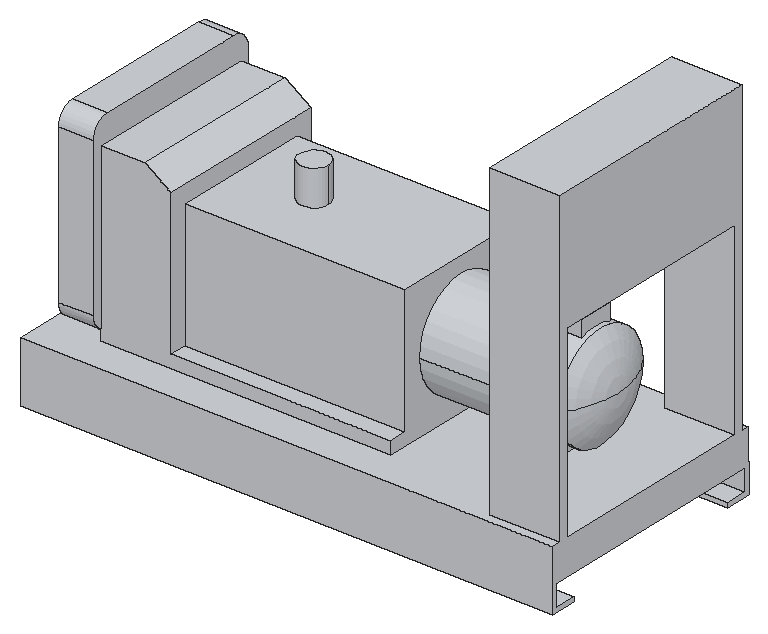
Revit family "b08a5060952a4ad8887e09d5716073f2", category Electrical Equipment, Revit 2021
Family settings
  Panel Configuration = Two Columns, Circuits Across
  Round Connector Dimension = Use Diameter
  Part Type = Panelboard
  OmniClass Number = 23.80.10.11.11.11
  OmniClass Title = Engine Generators
  Seek Item ID = Gas Emergency Power Generator-0000-USA-ENU
  Work Plane-Based = No
  Always vertical = Yes
  Cut with Voids When Loaded = No
  Shared = No
  Room Calculation Point = No
Parameters (values of type "25 kW")
  Width 7 = 0.5 * Width 4  # 0' - 11"
  Width 6 = 0.5 * Width 3  # 0' - 2"
  Width 5 = Height 3  # 0' - 3"
  Width 4 = 11 / 14 * Generator Width  # 1' - 10"
  Width 3 = Generator Width * 1 / 7  # 0' - 4"
  Width 2 = 0.8 * Width 1  # 1' - 4"
  Width 1 = Generator Width * 5 / 7  # 1' - 8"
  built-in parameter 1140142 [instance] = -1
  Radius 6 = 0.2 * Length 6  # 0' - 1.68"
  Radius 5 = Radius 1 + 0' 1"  # 0' - 7"
  Radius 4 = 0.5 * Diameter 1  # 0' - 0 1/2"
  Radius 3 = 0.5 * Length 4 + Length 12  # 0' - 10"
  Radius 2 = Generator Width / 14  # 0' - 2"
  Radius 1 = (Generator Width - Width 2) * 1 / 2  # 0' - 6"
  built-in parameter 1140140 [instance] = 1 (stored number, unit not read)
  Load Classification = Power
  Length 9 = Length 13  # 0' - 3"
  Length 8 = (Generator Width - Width 2) / 2  # 0' - 6"
  Length 7 = Width 2  # 1' - 4"
  Length 6 = 1 / 3 * Length 3  # 0' - 8.4"
  Length 5 = Generator Width * 2 / 7  # 0' - 8"
  Length 4 = Generator Width * 4 / 7  # 1' - 4"
  Length 3 = Generator Width * 0.9  # 2' - 1.2"
  Length 2 = Generator Width * 2 / 7  # 0' - 8"
  Length 13 = 3 / 8 * Length 2  # 0' - 3"
  Length 12 = 1 / 2 * Length 1  # 0' - 2"
  Length 11 = 1 / 3 * Length 13  # 0' - 1"
  Length 10 = Length 2 - Length 13  # 0' - 5"
  Length 1 = Generator Width / 7  # 0' - 4"
  Height 9 = 1.5 * Height 2  # 0' - 1 1/2"
  Height 8 = 0' 0 3/4" + Radius 1  # 0' - 6 3/4"
  Height 7 = Generator Width * 1 / 2  # 1' - 2"
  Height 6 = (Height 2) * 3 / 2  # 0' - 1 1/2"
  Height 5 = Height 4 - 4 * (Height 2)  # 1' - 4"
  Height 4 = Height 1 - 2 * (Height 2)  # 1' - 8"
  Height 3 = Height 2 * 3  # 0' - 3"
  Height 2 = Generator Width / 28  # 0' - 1"
  Height 1 = 1.5 * (Width 1) - 0.5 * (Width 2)  # 1' - 10"
  Half Width 4 = 0.5 * Width 4  # 0' - 11"
  Generator Width = 2' - 4"
  Generator Material = none
  Generator Length = 5' - 0 7/8"
  Generator Height = 3' - 6 1/2"
  built-in parameter 1155100 [instance] = -1
  Diameter 1 = 1 / 3 * Length 13  # 0' - 1"
  Default Elevation = 0' - 0"
  Base Height = Generator Width * 1 / 4  # 0' - 7"
  Apparent Load [instance] = 31250 VA
  Alternator Voltage = 480 V
Types (4): name | Width 7 | Width 6 | Width 5 | Width 4 | Width 3 | Width 2 | Width 1 | Radius 6 | Radius 5 | Radius 4 | Radius 3 | Radius 2 | Radius 1 | Length 9 | Length 8 | Length 7 | Length 6 | Length 5 | Length 4 | Length 3 | Length 2 | Length 13 | Length 12 | Length 11 | Length 10 | Length 1 | Height 9 | Height 8 | Height 7 | Height 6 | Height 5 | Height 4 | Height 3 | Height 2 | Height 1 | Half Width 4 | Generator Width | Generator Length | Generator Height | Diameter 1 | Base Height | Apparent Load
  (no name) | 0' - 11" | 0' - 2" | 0' - 3" | 1' - 10" | 0' - 4" | 1' - 4" | 1' - 8" | 0' - 1.68" | 0' - 7" | 0' - 0 1/2" | 0' - 10" | 0' - 2" | 0' - 6" | 0' - 3" | 0' - 6" | 1' - 4" | 0' - 8.4" | 0' - 8" | 1' - 4" | 2' - 1.2" | 0' - 8" | 0' - 3" | 0' - 2" | 0' - 1" | 0' - 5" | 0' - 4" | 0' - 1 1/2" | 0' - 6 3/4" | 1' - 2" | 0' - 1 1/2" | 1' - 4" | 1' - 8" | 0' - 3" | 0' - 1" | 1' - 10" | 0' - 11" | 2' - 4" | 5' - 0 7/8" | 3' - 6 1/2" | 0' - 1" | 0' - 7" | 31250 VA
  125 kW | 1' - 10" | 0' - 4" | 0' - 6" | 3' - 8" | 0' - 8" | 2' - 8" | 3' - 4" | 0' - 3.36" | 1' - 1" | 0' - 1" | 1' - 8" | 0' - 4" | 1' - 0" | 0' - 6" | 1' - 0" | 2' - 8" | 1' - 4.8" | 1' - 4" | 2' - 8" | 4' - 2.4" | 1' - 4" | 0' - 6" | 0' - 4" | 0' - 2" | 0' - 10" | 0' - 8" | 0' - 3" | 1' - 0 3/4" | 2' - 4" | 0' - 3" | 2' - 8" | 3' - 4" | 0' - 6" | 0' - 2" | 3' - 8" | 1' - 10" | 4' - 8" | 10' - 1 3/4" | 7' - 1" | 0' - 2" | 1' - 2" | 156250 VA
  25 kW | 0' - 11" | 0' - 2" | 0' - 3" | 1' - 10" | 0' - 4" | 1' - 4" | 1' - 8" | 0' - 1.68" | 0' - 7" | 0' - 0 1/2" | 0' - 10" | 0' - 2" | 0' - 6" | 0' - 3" | 0' - 6" | 1' - 4" | 0' - 8.4" | 0' - 8" | 1' - 4" | 2' - 1.2" | 0' - 8" | 0' - 3" | 0' - 2" | 0' - 1" | 0' - 5" | 0' - 4" | 0' - 1 1/2" | 0' - 6 3/4" | 1' - 2" | 0' - 1 1/2" | 1' - 4" | 1' - 8" | 0' - 3" | 0' - 1" | 1' - 10" | 0' - 11" | 2' - 4" | 5' - 0 7/8" | 3' - 6 1/2" | 0' - 1" | 0' - 7" | 31250 VA
  32 kW | 1' - 0.08036" | 0' - 2.19643" | 0' - 3.29464" | 2' - 0.16071" | 0' - 4.39286" | 1' - 5.57143" | 1' - 9.96429" | 0' - 1.845" | 0' - 7.58929" | 0' - 0.54911" | 0' - 10.98214" | 0' - 2.19643" | 0' - 6.58929" | 0' - 3.29464" | 0' - 6.58929" | 1' - 5.57143" | 0' - 9.225" | 0' - 8.78571" | 1' - 5.57143" | 2' - 3.675" | 0' - 8.78571" | 0' - 3.29464" | 0' - 2.19643" | 0' - 1.09821" | 0' - 5.49107" | 0' - 4.39286" | 0' - 1.64732" | 0' - 7.33929" | 1' - 3 3/8" | 0' - 1.64732" | 1' - 5.57143" | 1' - 9.96429" | 0' - 3.29464" | 0' - 1.09821" | 2' - 0.16071" | 1' - 0.08036" | 2' - 6 3/4" | 5' - 7" | 3' - 10 3/4" | 0' - 1.09821" | 0' - 7 11/16" | 40000 VA
Reference planes (in)
  plane 1 "Center (Front/Back)": y = 0
  plane 2: z = 0
  plane 3 "Center (Left/Right)": x = 0
  plane 4: x = 30.4375
  plane 5: x = -30.4375
  plane 6: y = 14
  plane 7: y = -14
  plane 8: z = 42.5
  plane 9: z = 3
  plane 10: y = -11
  plane 11: y = 11
  plane 12: y = -13.5
  plane 13: y = 13.5
  plane 14: z = 0.5
  plane 15: z = 7
  plane 16: x = -28.4375
  plane 17: x = -24.4375
  plane 18: z = 8
  plane 19: z = 30
  plane 20: z = 28
  plane 21: z = 10
  plane 22: y = -9
  plane 23: y = 9
  plane 24: z = 8.5
  plane 25: x = -16.4375
  plane 26: x = -19.4375
  plane 27: x = 8.7625
  plane 28: z = 27
  plane 29: y = 10
  plane 30: y = -10
  plane 31: y = 8
  plane 32: y = -8
  plane 33: z = 23
  plane 34: z = 27
  plane 35: x = -8.0375
  plane 36: x = 24.7625
  plane 37: x = 16.7625
  plane 38 "Plan 3": z = 15.25
  plane 39: z = 9.25
  plane 40: y = 1
  plane 41: y = -1
  plane 42: x = 19.7625
  plane 43: x = 18.7625
  plane 44: x = 20.7625
  plane 45: x = 18.2625
  plane 46: x = 21.2625
  plane 47: x = 24.1375
  plane 48: x = 18.1375
  plane 49: y = 2
  plane 50: y = -2
  plane 51: z = 21.25
  plane 52: z = 22.75
  plane 53: x = 23.1375
  plane 54: z = 28.5
  plane 55: y = 13
  plane 56: y = 12
  plane 57: y = -13
  plane 58: y = -12
  plane 59: x = 22.4375
Forms (in)
  Sweep 1, solid, material <- "Generator Material", detail levels fine
    path origin (0, 0, 0) x (1, 0, 0) y (0, 1, 0)
      loop
        line (-30.4375, 14) -> (30.4375, 14)
    profile origin (0, 14, 0) x (0, 1, 0) y (0, 0, 1)
      loop
        line (0, 3) -> (-0.5, 3) -> (-0.5, 0.5) -> (-3, 0.5) -> (-3, 0) -> (0, 0) -> (0, 3)
  Sweep 2, solid, material <- "Generator Material", detail levels fine
    path origin (0, 0, 0) x (1, 0, 0) y (0, 1, 0)
      loop
        line (-30.4375, -14) -> (30.4375, -14)
    profile origin (0, -14, 0) x (0, 1, 0) y (0, 0, 1)
      loop
        line (0.5, 3) -> (0, 3) -> (0, 0) -> (3, 0) -> (3, 0.5) -> (0.5, 0.5) -> (0.5, 3)
  Extrusion 3, solid, material <- "Generator Material", detail levels fine
    sketch origin (0, 0, 0) x (1, 0, 0) y (0, 0, 1)
      loop
        line (-30.4375, 7) -> (-30.4375, 3) -> (30.4375, 3) -> (30.4375, 7) -> (-30.4375, 7)
    from -14 to 14
  Extrusion 4, solid, material <- "Generator Material", detail levels fine
    sketch origin (0, 0, 0) x (0, 1, 0) y (0, 0, 1)
      loop
        line (9, 30) -> (-9, 30)
        arc (-9, 30) -> (-10.41421, 29.41421) -> (-11, 28) r 2
        line (-11, 28) -> (-11, 10)
        arc (-11, 10) -> (-10.41421, 8.58579) -> (-9, 8) r 2
        line (-9, 8) -> (9, 8)
        arc (9, 8) -> (10.41421, 8.58579) -> (11, 10) r 2
        line (11, 10) -> (11, 28)
        arc (11, 28) -> (10.41421, 29.41421) -> (9, 30) r 2
    from -28.4375 to -24.4375
  Extrusion 5, solid, material <- "Generator Material", detail levels fine
    sketch origin (0, 0, 0) x (1, 0, 0) y (0, 0, 1)
      loop
        line (-24.4375, 27) -> (-24.4375, 7) -> (8.7625, 7) -> (8.7625, 8.5) -> (-16.4375, 8.5) -> (-16.4375, 24.99546) -> (-19.4375, 27) -> (-24.4375, 27)
    from -10 to 10
  Extrusion 6, solid, material <- "Generator Material", detail levels fine
    sketch origin (0, 0, 0) x (1, 0, 0) y (0, 0, 1)
      loop
        line (-16.4375, 23) -> (-16.4375, 8.5) -> (8.7625, 8.5) -> (8.7625, 23) -> (-16.4375, 23)
    from -8 to 8
  Extrusion 7, solid, material <- "Generator Material", detail levels fine
    sketch origin (0, 0, 0) x (1, 0, 0) y (0, 1, 0)
      loop
        circle (-8.0375, 0) r 1.68
    from 23 to 27
  Extrusion 8, solid, material <- "Generator Material", detail levels fine
    sketch origin (0, 0, 0) x (0, 1, 0) y (0, 0, 1)
      loop
        circle (0, 15.25) r 6
    from 8.7625 to 24.7625
  Revolve 9, solid, material <- "Generator Material", detail levels fine
    sketch origin (0, 0, 15.25) x (-1, 0, 0) y (0, -1, 0)
      loop
        line (-26.7625, 0) -> (-24.7625, 0) -> (-24.7625, 6)
        arc (-24.7625, 6) -> (-26.24933, 3.16228) -> (-26.7625, 0) r 10
      axis (-24.7625, 0) -> (-26.7625, 0)
    angle from 0 to 360
  Extrusion 10, solid, material <- "Generator Material", detail levels fine
    sketch origin (0, 0, 15.25) x (-1, 0, 0) y (0, -1, 0)
      loop
        line (-18.7625, -1) -> (-18.7625, 1) -> (-20.7625, 1) -> (-20.7625, -1) -> (-18.7625, -1)
    from -8.25 to 0
  Extrusion 11, solid, material <- "Generator Material", detail levels fine
    sketch origin (0, 0, 0) x (0, 1, 0) y (0, 0, 1)
      loop
        arc (4.8541, 11.72329) -> (0, 9.25) -> (-4.8541, 11.72329) r 6
        line (-4.8541, 11.72329) -> (-5.66312, 11.1355)
        arc (-5.66312, 11.1355) -> (0, 8.25) -> (5.66312, 11.1355) r 7
        line (5.66312, 11.1355) -> (4.8541, 11.72329)
    from 18.2625 to 21.2625
  Extrusion 12, solid, material <- "Generator Material", detail levels fine
    sketch origin (0, 0, 15.25) x (-1, 0, 0) y (0, -1, 0)
      loop
        line (-18.1375, -2) -> (-18.1375, 2) -> (-24.1375, 2) -> (-24.1375, -2) -> (-18.1375, -2)
    from 0 to 7.5
  Extrusion 13, solid, material <- "Generator Material", detail levels fine
    sketch origin (0, 0, 15.25) x (-1, 0, 0) y (0, -1, 0)
      loop
        circle (-23.1375, 0) r 0.5
    from 7.5 to 13.25
  Extrusion 14, solid, material <- "Generator Material", detail levels fine
    sketch origin (0, 0, 15.25) x (-1, 0, 0) y (0, -1, 0)
      loop
        line (-22.4375, -13) -> (-22.4375, -12) -> (-30.4375, -12) -> (-30.4375, -13) -> (-22.4375, -13)
    from -8.25 to 13.25
  Extrusion 15, solid, material <- "Generator Material", detail levels fine
    sketch origin (0, 0, 15.25) x (-1, 0, 0) y (0, -1, 0)
      loop
        line (-22.4375, 12) -> (-22.4375, 13) -> (-30.4375, 13) -> (-30.4375, 12) -> (-22.4375, 12)
    from -8.25 to 13.25
  Extrusion 16, solid, material <- "Generator Material", detail levels fine
    sketch origin (0, 0, 15.25) x (-1, 0, 0) y (0, -1, 0)
      loop
        line (-22.4375, -13) -> (-22.4375, 13) -> (-30.4375, 13) -> (-30.4375, -13) -> (-22.4375, -13)
    from 13.25 to 27.25
  Extrusion 17, solid, material <- "Generator Material", detail levels coarse+medium
    sketch origin (0, 0, 0) x (0, 1, 0) y (0, 0, 1)
      loop
        line (14, 42.5) -> (-14, 42.5) -> (-14, 0) -> (14, 0) -> (14, 42.5)
    from -30.4375 to 30.4375
Cuts and joins
  joined: Sweep 1, Sweep 2, Extrusion 3, Extrusion 4, Extrusion 5, Extrusion 6, Extrusion 7, Extrusion 8, Revolve 9, Extrusion 10, Extrusion 11, Extrusion 12, Extrusion 13, Extrusion 14, Extrusion 15, Extrusion 16
Lines and regions (in)
  reference lines
    curve 1: line (0, 0, 15.25) -> (0, -6.87664, 10.25383)
    curve 2: line (0, 0, 15.25) -> (0, 6.67439, 10.40077)
Dimensions and locks (in)
  equal spacing: plane 5, plane 3 "Center (Left/Right)", plane 4
  "Generator Length": plane 5 to plane 4
  equal spacing: plane 7, plane 1 "Center (Front/Back)", plane 6
  "Generator Width": plane 7 to plane 6
  "Generator Height": plane 8 to plane 2
  "Height 3": plane 9 to plane 2
  "Width 5": plane 10 to plane 7
  "Width 5": plane 6 to plane 11
  locked: plane 14 to plane 2 at 0.5
  locked: plane 6 to plane 13 at 0.5
  locked: plane 12 to plane 7 at 0.5
  "Base Height": plane 15 to plane 2
  "Length 12": plane 5 to plane 16
  "Length 1": plane 16 to plane 17
  "Height 2": plane 18 to plane 15
  "Height 1": plane 19 to plane 18
  equal spacing: plane 11, plane 1 "Center (Front/Back)", plane 10
  "Width 7": plane 11 to plane 1 "Center (Front/Back)"
  "Radius 2": plane 19 to plane 20
  "Radius 2": plane 21 to plane 18
  "Radius 2": plane 22 to plane 10
  "Radius 2": plane 11 to plane 23
  "Height 6": plane 24 to plane 15
  "Length 2": plane 17 to plane 25
  "Length 3": plane 25 to plane 27
  "Length 13": plane 26 to plane 25
  "Height 4": plane 28 to plane 15
  equal spacing: plane 30, plane 1 "Center (Front/Back)", plane 29
  "Width 1": plane 30 to plane 29
  equal spacing: plane 32, plane 1 "Center (Front/Back)", plane 31
  "Width 2": plane 32 to plane 31
  "Height 5": plane 33 to plane 15
  locked: plane 34 to plane 33 at 4
  "Length 6": plane 25 to plane 35
  "Length 4": plane 27 to plane 36
  equal spacing: plane 27, plane 37, plane 36
  "Height 8": plane 38 "Plan 3" to plane 24
  "Radius 1": plane 38 "Plan 3" to plane 39
  equal spacing: plane 41, plane 1 "Center (Front/Back)", plane 40
  "Width 6": plane 41 to plane 40
  "Length 10": plane 42 to plane 36
  equal spacing: plane 43, plane 42, plane 44
  "Width 6": plane 43 to plane 44
  equal spacing: plane 45, plane 42, plane 46
  "Length 9": plane 45 to plane 46
  locked: plane 47 to plane 36 at 0.625
  "Length 8": plane 48 to plane 47
  equal spacing: plane 50, plane 1 "Center (Front/Back)", plane 49
  "Width 3": plane 50 to plane 49
  "Radius 1": plane 51 to plane 38 "Plan 3"
  "Height 9": plane 52 to plane 51
  "Length 11": plane 53 to plane 47
  "Height 7": plane 8 to plane 54
  locked: plane 55 to plane 6 at 1
  locked: plane 56 to plane 55 at 1
  locked: plane 7 to plane 57 at 1
  locked: plane 57 to plane 58 at 1
  "Length 5": plane 59 to plane 4
  "Radius 2": radius of Extrusion 4 sketch curve  (x4)
  "Radius 6": radius of Extrusion 7 sketch curve
  "Radius 1": radius of Extrusion 8 sketch curve
  "Radius 3": radius of Revolve 9 sketch curve
  "Radius 1": radius of Extrusion 11 sketch curve
  "Radius 5": radius of Extrusion 11 sketch curve
  "Radius 4": radius of Extrusion 13 sketch curve
  locked: plane 26 to Extrusion 5 sketch curve (angle 56.25°)
  locked: curve 1 to plane 1 "Center (Front/Back)" (angle 54.00°)
  locked: plane 1 "Center (Front/Back)" to curve 2 (angle 54.00°)
  aligned and locked: plane 6 to Sweep 1 sketch curve  (x2)
  aligned and locked: Sweep 1 sketch curve to plane 9
  aligned and locked: Sweep 1 sketch curve to plane 13
  aligned and locked: Sweep 1 sketch curve to plane 14
  aligned and locked: Sweep 1 sketch curve to plane 11
  aligned and locked: plane 2 to Sweep 1 sketch curve
  aligned and locked: Sweep 2 sketch curve to plane 7
  aligned and locked: Sweep 2 sketch curve to plane 9
  aligned and locked: plane 12 to Sweep 2 sketch curve
  aligned and locked: Sweep 2 sketch curve to plane 14
  aligned and locked: Sweep 2 sketch curve to plane 10
  aligned and locked: plane 2 to Sweep 2 sketch curve
  aligned and locked: plane 7 to Sweep 2 sketch curve
  aligned and locked: plane 5 to Sweep 1
  aligned and locked: plane 5 to Sweep 2
  aligned and locked: plane 4 to Sweep 2
  aligned and locked: plane 4 to Sweep 1
  aligned and locked: plane 5 to Extrusion 3 sketch curve
  aligned and locked: Extrusion 3 sketch curve to plane 15
  aligned and locked: Sweep 1 to Extrusion 3 sketch curve
  aligned and locked: Extrusion 3 sketch curve to Sweep 1
  aligned and locked: Extrusion 3 to plane 6
  aligned and locked: Extrusion 3 to plane 7
  aligned and locked: plane 23 to Extrusion 4 sketch curve  (x2)
  aligned and locked: plane 20 to Extrusion 4 sketch curve  (x2)
  aligned and locked: plane 22 to Extrusion 4 sketch curve  (x2)
  aligned and locked: plane 21 to Extrusion 4 sketch curve  (x2)
  aligned and locked: Extrusion 4 to plane 16
  aligned and locked: plane 17 to Extrusion 4
  aligned and locked: Extrusion 5 sketch curve to plane 28
  aligned and locked: Extrusion 5 sketch curve to plane 25
  aligned and locked: plane 26 to Extrusion 5 sketch curve
  aligned and locked: plane 17 to Extrusion 5 sketch curve
  aligned and locked: Extrusion 5 sketch curve to plane 24
  aligned and locked: plane 15 to Extrusion 5 sketch curve
  aligned and locked: Extrusion 5 sketch curve to plane 27
  aligned and locked: Extrusion 5 to plane 29
  aligned and locked: plane 30 to Extrusion 5
  aligned and locked: plane 25 to Extrusion 6 sketch curve
  aligned and locked: Extrusion 6 sketch curve to plane 33
  aligned and locked: Extrusion 6 sketch curve to Extrusion 5  (x2)
  aligned and locked: Extrusion 6 to plane 31
  aligned and locked: plane 32 to Extrusion 6
  aligned and locked: plane 35 to Extrusion 7 sketch curve
  aligned and locked: plane 1 "Center (Front/Back)" to Extrusion 7 sketch curve
  aligned and locked: plane 34 to Extrusion 7
  aligned and locked: Extrusion 7 to plane 33
  aligned and locked: plane 1 "Center (Front/Back)" to Extrusion 8 sketch curve
  aligned and locked: plane 38 "Plan 3" to Extrusion 8 sketch curve
  aligned and locked: plane 36 to Extrusion 8
  aligned and locked: Extrusion 8 to plane 27
  aligned and locked: plane 37 to Revolve 9 sketch curve
  aligned and locked: plane 1 "Center (Front/Back)" to Revolve 9 sketch curve  (x2)
  aligned and locked: plane 36 to Revolve 9 sketch curve
  aligned and locked: plane 43 to Extrusion 10 sketch curve
  aligned and locked: plane 40 to Extrusion 10 sketch curve
  aligned and locked: plane 41 to Extrusion 10 sketch curve
  aligned and locked: Extrusion 10 sketch curve to plane 44
  aligned and locked: Extrusion 10 to plane 15
  aligned and locked: plane 38 "Plan 3" to Extrusion 10
  aligned and locked: plane 1 "Center (Front/Back)" to curve 1
  aligned and locked: plane 38 "Plan 3" to curve 1
  aligned and locked: plane 1 "Center (Front/Back)" to Extrusion 11 sketch curve  (x2)
  aligned and locked: plane 38 "Plan 3" to Extrusion 11 sketch curve  (x2)
  aligned and locked: curve 1 to Extrusion 11 sketch curve
  aligned and locked: curve 2 to Extrusion 11 sketch curve
  aligned and locked: plane 46 to Extrusion 11
  aligned and locked: Extrusion 11 to plane 45
  aligned and locked: plane 48 to Extrusion 12 sketch curve
  aligned and locked: plane 49 to Extrusion 12 sketch curve
  aligned and locked: plane 50 to Extrusion 12 sketch curve
  aligned and locked: Extrusion 12 sketch curve to plane 47
  aligned and locked: plane 52 to Extrusion 12
  aligned and locked: Extrusion 12 to plane 38 "Plan 3"
  aligned and locked: plane 53 to Extrusion 13 sketch curve
  aligned and locked: plane 1 "Center (Front/Back)" to Extrusion 13 sketch curve
  aligned and locked: Extrusion 13 to plane 52
  aligned and locked: plane 54 to Extrusion 13
  aligned and locked: plane 59 to Extrusion 14 sketch curve
  aligned and locked: plane 55 to Extrusion 14 sketch curve
  aligned and locked: plane 56 to Extrusion 14 sketch curve
  aligned and locked: Extrusion 14 sketch curve to plane 4
  aligned and locked: Extrusion 14 to plane 15
  aligned and locked: plane 54 to Extrusion 14
  aligned and locked: plane 59 to Extrusion 15 sketch curve
  aligned and locked: plane 58 to Extrusion 15 sketch curve
  aligned and locked: plane 57 to Extrusion 15 sketch curve
  aligned and locked: Extrusion 15 sketch curve to plane 4
  aligned and locked: plane 54 to Extrusion 15
  aligned and locked: Extrusion 15 to plane 15
  aligned and locked: plane 59 to Extrusion 16 sketch curve
  aligned and locked: plane 55 to Extrusion 16 sketch curve
  aligned and locked: plane 57 to Extrusion 16 sketch curve
  aligned and locked: Extrusion 16 sketch curve to plane 4
  aligned and locked: plane 8 to Extrusion 16
  aligned and locked: Extrusion 16 to plane 54
  aligned and locked: plane 6 to Extrusion 17 sketch curve
  aligned and locked: plane 8 to Extrusion 17 sketch curve
  aligned and locked: cut or joined group 1 (Sweep 1, Sweep 2, Extrusion 3, Extrusion 4, Extrusion 5, Extrusion 6, Extrusion 7, Extrusion 8, Revolve 9, Extrusion 10, Extrusion 11, Extrusion 12, Extrusion 13, Extrusion 14, Extrusion 15, Extrusion 16) to Extrusion 17 sketch curve
  aligned and locked: Extrusion 17 sketch curve to cut or joined group 1
  aligned and locked: Extrusion 17 to plane 5
  aligned and locked: plane 4 to Extrusion 17
Automatic sketch dimensions
  Sweep 1 sketch curve to plane 5 = 0' - 0"
  Sweep 1 sketch curve to plane 4 = 0' - 0"
  Sweep 2 sketch curve to plane 5 = 0' - 0"
  Sweep 2 sketch curve to plane 4 = 0' - 0"
  Revolve 9 sketch curve to plane 1 "Center (Front/Back)" = 0' - 0"
  Revolve 9 sketch curve to plane 4 = 0' - 0"
  Revolve 9 sketch curve to plane 37 = 0' - 0"
Connectors (in)
  electrical at (0, 0, 42.5), driven by "Alternator Voltage", driven by "Apparent Load", driven by "Load Classification"
    settings: on Extrusion 17, index 1, voltage 480 V, apparent load 31250 VA, apparent load phase1 0 VA, apparent load phase2 0 VA, apparent load phase3 0 VA, power factor 1, load classification "Power", number of poles 3, system type 30, power factor state 1, is connector primary yes, connector utility no, sub classification motor no, connector description ""
  cabletrayconduit at (-3.8375, 0, 23), diameter 24
    settings: on cut or joined group 1, index 2, connector width 1' - 0", connector height 1' - 0", connector angle 0.00°, system type 32, placement type 1, profile type 0, connector reference index -1, is primary connector yes, connector utility param no, connector description ""
  cabletrayconduit at (-28.4375, 0, 19), diameter 24
    settings: on cut or joined group 1, index 3, connector width 1' - 0", connector height 1' - 0", connector angle 0.00°, system type 32, placement type 1, profile type 0, connector reference index -1, is primary connector no, connector utility param no, connector description ""
  cabletrayconduit at (30.4375, 0, 7.5625), diameter 24
    settings: on cut or joined group 1, index 4, connector width 1' - 0", connector height 1' - 0", connector angle 0.00°, system type 32, placement type 1, profile type 0, connector reference index -1, is primary connector no, connector utility param no, connector description ""
  cabletrayconduit at (-3.8375, 8, 15.75), diameter 24
    settings: on cut or joined group 1, index 5, connector width 1' - 0", connector height 1' - 0", connector angle 0.00°, system type 32, placement type 1, profile type 0, connector reference index -1, is primary connector no, connector utility param no, connector description ""
  cabletrayconduit at (0, 0, 3), diameter 24
    settings: on cut or joined group 1, index 6, connector width 1' - 0", connector height 1' - 0", connector angle 0.00°, system type 32, placement type 1, profile type 0, connector reference index -1, is primary connector no, connector utility param no, connector description ""
  cabletrayconduit at (-3.8375, -8, 15.75), diameter 24
    settings: on cut or joined group 1, index 7, connector width 1' - 0", connector height 1' - 0", connector angle 0.00°, system type 32, placement type 1, profile type 0, connector reference index -1, is primary connector no, connector utility param no, connector description ""
